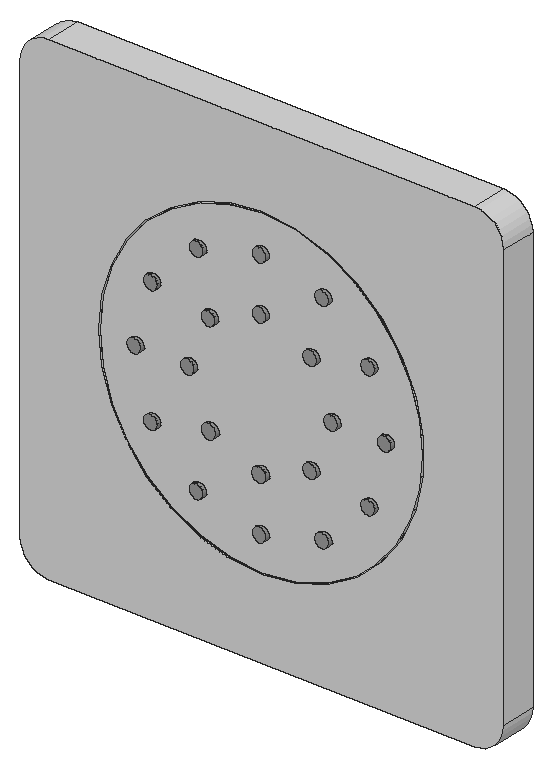
Revit family "Reece_Shower_American Standard_EasySET_Shower Head_Body Jet", category Plumbing Fixtures, Revit 2018
Family settings
  Round Connector Dimension = Use Diameter
  Part Type = Normal
  Work Plane-Based = Yes
  Always vertical = Yes
  Cut with Voids When Loaded = Yes
  Shared = Yes
  Room Calculation Point = Yes
Parameters (values of type "Chrome")
  URL = "https://www.reece.com.au/product/-9508665"
  Type Comments = "Shower"
  Reece_Shower_Inlet = 12 mm  # constant formula
  Reece_Product_Web Page = "https://www.reece.com.au/product/-9508665"
  Reece_Product_Type = "Shower"  # constant formula
  Reece_Product_Sub Brand = "EasySET"  # constant formula
  Reece_Product_Number = "9508665"
  Reece_Product_Mount = "Wall Mounted"
  Reece_Product_Description = "American Standard EasySET Body Jet Shower Chrome"
  Reece_Product_Brand = "American Standard"  # constant formula
  Reece_Overall_Width = 135 mm  # constant formula
  Reece_Overall_Projection = 10 mm  # constant formula
  Reece_Overall_Height = 135 mm  # constant formula
  Reece_Material_Secondary = Reece_Plastic_ABS
  Reece_Material_Main = Reece_Brass_Chrome
  Reece_Height_From_Level [instance] = 1200 mm
  Reece_Detail_Disclaimer = "THIS FILE IS THE PROPERTY OF THE REECE GROUP. IT MAY NOT BE REPRODUCED, REVERSE-ENGINEERED OR MODIFIED. ANY REPUBLICATION, TRANSMISSION OR DISTRIBUTION FOR THE PURPOSE OF COMMERCIALLY EXPLOITING THE FILES IS PROHIBITED."  # constant formula
  Reece_Detail_Additional = "Body Jet"  # constant formula
  Model = "EasySET"
  Manufacturer = "American Standard"
  Keynote = "Product #9508665, Reece_Shower_American Standard_EasySET_Shower Head_Body Jet - Chrome"
  Disclaimer = "THIS FILE IS THE PROPERTY OF THE REECE GROUP. IT MAY NOT BE REPRODUCED, REVERSE-ENGINEERED OR MODIFIED. ANY REPUBLICATION, TRANSMISSION OR DISTRIBUTION FOR THE PURPOSE OF COMMERCIALLY EXPLOITING THE FILES IS PROHIBITED."  # constant formula
  Description = "American Standard EasySET Body Jet Shower Chrome"
  Default Elevation = 0 mm
Types (2, lengths in mm): name | Keynote
  (no name) | "Product #9508665, Reece_Shower_American Standard_EasySET_Shower Head_Body Jet -  "
  Chrome | "Product #9508665, Reece_Shower_American Standard_EasySET_Shower Head_Body Jet - Chrome"
Reference planes
  plane 1 "Center (Front/Back)": y = 0
  plane 2 "Height From Floor": z = 1200
  plane 3 "Center (Left/Right)": x = 0
  plane 4 "Bottom Of Invisible Line": z = -5
  plane 5: x = -67.5
  plane 6: x = 67.5
  plane 7: z = 1267.5
  plane 8: z = 1132.5
  plane 9: y = -10
Lines and regions (mm)
  model lines, style "InvisibleLines"
    curve 1: line (0, 0, -5) -> (0, 0, 1200)
Text (mm)
  text "Reece ©" at (2872.125, -2467.302, 2677.385), in view "Reece Preview"
  text "Reece ©" at (353.128, -531.372, -1020.679), in view "Ref. Level"
Dimensions and locks
  locked: level to plane 4 "Bottom Of Invisible Line" at 5
  "Reece_Height_From_Level": plane 2 "Height From Floor" to level
  level to plane 2 "Height From Floor" = 1200 mm
  "Reece_Overall_Width": plane 5 to plane 6
  equal spacing: plane 5, plane 3 "Center (Left/Right)", plane 6
  "Reece_Overall_Height": plane 7 to plane 8
  "Reece_Overall_Projection": plane 1 "Center (Front/Back)" to plane 9
  equal spacing: plane 7, plane 2 "Height From Floor", plane 8
  aligned and locked: plane 2 "Height From Floor" to curve 1
  aligned and locked: plane 4 "Bottom Of Invisible Line" to curve 1
  aligned and locked: plane 3 "Center (Left/Right)" to curve 1
  aligned and locked: nested 1 to plane 2 "Height From Floor"
  aligned and locked: plane 3 "Center (Left/Right)" to nested 1
Nested families
  nested 1: "Reece_Shower_American Standard_EasySET_Shower Head_Body Jet_Nested" at (0, 0, 1200) x (0, 0, 1) z (0, -1, 0), Reece_Material_Main <- "Reece_Material_Main", Reece_Material_Secondary <- "Reece_Material_Secondary", type "Chrome"
    with Reece_Material_Secondary Reece_Plastic_ABS, Reece_Material_Main Reece_Brass_Chrome
Connectors
  piping at (0, 0, 1200), diameter 12, driven by "Reece_Shower_Inlet"
    settings: on nested 1, index 1, connector inside diameter 609.6 mm, connector length 0 mm, flow factor 0, pipe flow 0.0 L/s, pressure drop 0.0 Pa, fitting loss kfactor 0, connector angle 0.00°, fixture units 0, engagement length 0 mm, angle of deflection 0.00°, flow configuration 0, flow direction 1, fitting loss method 0, system type 29, joint type 0, gender type 0, connector reference index -1, connector utility 0, adjustable connector no, is connector primary yes, connector description ""
Definition of nested family "Reece_Shower_American Standard_EasySET_Shower Head_Body Jet_Nested"
  Parameters (values of type "Chrome")
    Waste Connection = no
    WFU = 0
    Vent Connection = no
    URL = ""
    Type Comments = ""
    Reece_Material_Secondary [instance] = none
    Reece_Material_Main [instance] = none
    Model = ""
    Manufacturer = ""
    Keynote = ""
    HWFU = 0
    HW Connection = no
    Description = ""
    Default Elevation = 0 mm
    Cost = 0
    CWFU = 0
    CW Connection = no
    Assembly Code = ""
  Reference planes
    plane 1 "Center (Front/Back)": y = 0
    plane 2: z = 0
    plane 3 "Center (Left/Right)": x = 0
    plane 4: x = 67.5
    plane 5: x = -67.5
    plane 6: y = 67.5
    plane 7: y = -67.5
  Forms (mm)
    Extrusion 1, solid
      sketch origin (619.2, 20, 0) x (1, 0, 0) y (0, 1, 0)
        loop
          line (-819.2, 180) -> (-819.2, -220) -> (-419.2, -220) -> (-419.2, 180) -> (-819.2, 180)
      from 0 to -35.776
    Extrusion 2, solid, material <- "Reece_Material_Main"
      sketch origin (0, 0, 0) x (1, 0, 0) y (0, 1, 0)
        loop
          arc (-59.5, 67.5) -> (-65.157, 65.157) -> (-67.5, 59.5) r 8
          line (-67.5, 59.5) -> (-67.5, -59.5)
          arc (-67.5, -59.5) -> (-65.157, -65.157) -> (-59.5, -67.5) r 8
          line (-59.5, -67.5) -> (59.5, -67.5)
          arc (59.5, -67.5) -> (65.157, -65.157) -> (67.5, -59.5) r 8
          line (67.5, -59.5) -> (67.5, 59.5)
          arc (67.5, 59.5) -> (65.157, 65.157) -> (59.5, 67.5) r 8
          line (59.5, 67.5) -> (-59.5, 67.5)
      from 0 to 10
    Extrusion 3, void
      sketch origin (0, 0, 0) x (1, 0, 0) y (0, 1, 0)
        loop
          circle (0, 0) r 45
        loop
          circle (0, 0) r 45.5
      from 8 to 10
    Extrusion 4, solid, material <- "Reece_Material_Secondary", detail levels fine
      sketch origin (0, 0, 0) x (1, 0, 0) y (0, 1, 0)
        loop
          circle (0, 35) r 1.9
        loop
          circle (0, -35) r 1.9
        loop
          circle (-35, 0) r 1.9
        loop
          circle (35, 0) r 1.9
        loop
          circle (-17.5, 30.311) r 1.9
        loop
          circle (-30.311, 17.5) r 1.9
        loop
          circle (17.5, 30.311) r 1.9
        loop
          circle (30.311, 17.5) r 1.9
        loop
          circle (-17.5, -30.311) r 1.9
        loop
          circle (-30.311, -17.5) r 1.9
        loop
          circle (17.5, -30.311) r 1.9
        loop
          circle (30.311, -17.5) r 1.9
        loop
          circle (0, 20) r 1.9
        loop
          circle (0, -20) r 1.9
        loop
          circle (20, 0) r 1.9
        loop
          circle (-20, 0) r 2
        loop
          circle (-14.142, 14.142) r 1.9
        loop
          circle (14.142, 14.142) r 1.9
        loop
          circle (-14.142, -14.142) r 2
        loop
          circle (14.142, -14.142) r 1.9
      from 8 to 11
    Extrusion 5, solid, material <- "Reece_Material_Main", detail levels fine
      sketch origin (0, 0, 0) x (1, 0, 0) y (0, 1, 0)
        loop
          circle (0, 0) r 45
      from 8 to 10
    Extrusion 6, void
      sketch origin (0, 0, 0) x (1, 0, 0) y (0, 1, 0)
        loop
          circle (0, 35) r 2
        loop
          circle (0, -35) r 2
        loop
          circle (-35, 0) r 2
        loop
          circle (35, 0) r 2
        loop
          circle (-17.5, 30.311) r 2
        loop
          circle (-30.311, 17.5) r 2
        loop
          circle (17.5, 30.311) r 2
        loop
          circle (30.311, 17.5) r 2
        loop
          circle (-17.5, -30.311) r 2
        loop
          circle (-30.311, -17.5) r 2
        loop
          circle (17.5, -30.311) r 2
        loop
          circle (30.311, -17.5) r 2
        loop
          circle (0, 20) r 2
        loop
          circle (0, -20) r 2
        loop
          circle (20, 0) r 2
        loop
          circle (-20, 0) r 2
        loop
          circle (-14.142, 14.142) r 2
        loop
          circle (14.142, 14.142) r 2
        loop
          circle (-14.142, -14.142) r 2
        loop
          circle (14.142, -14.142) r 2
      from 8 to 10
  Cuts and joins
    Extrusion 3 cuts Extrusion 2
    Extrusion 6 cuts Extrusion 5
  Text (mm)
    text "Reece Copyright © 2018, Reece Ltd." at (-684.407, -223.434, 0), in view "Ref. Level"
    text "Reece ©" at (290.323, 26.521, 334.836), in view "Reece_Preview"
  Dimensions and locks
    plane 5 to plane 4 = 135 mm
    plane 6 to plane 7 = 135 mm
    equal spacing: plane 5, plane 3 "Center (Left/Right)", plane 4
    equal spacing: plane 6, plane 1 "Center (Front/Back)", plane 7
    aligned and locked: Extrusion 1 to plane 2
    aligned and locked: level to Extrusion 1
  Automatic sketch dimensions
    Extrusion 1 sketch curve to Extrusion 1 sketch curve = 400 mm  (x2)
    Extrusion 2 sketch curve to plane 5 = 0 mm
    Extrusion 2 sketch curve to plane 7 = 0 mm
    Extrusion 2 sketch curve to plane 6 = 0 mm
    Extrusion 2 sketch curve to plane 4 = 0 mm
    Extrusion 2 sketch curve to plane 5 = 8 mm
    Extrusion 2 sketch curve to Extrusion 2 sketch curve = 8 mm  (x2)
    plane 4 to Extrusion 2 sketch curve = 8 mm
    Extrusion 3 sketch curve to Extrusion 3 sketch curve = 0 mm  (x2)
    plane 1 "Center (Front/Back)" to Extrusion 3 sketch curve = 0 mm
    Extrusion 3 sketch curve to plane 3 "Center (Left/Right)" = 0 mm
    plane 1 "Center (Front/Back)" to Extrusion 4 sketch curve = 0 mm  (x4)
    Extrusion 4 sketch curve to plane 3 "Center (Left/Right)" = 0 mm  (x4)
    Extrusion 4 sketch curve to plane 3 "Center (Left/Right)" = 14.142 mm  (x2)
    Extrusion 4 sketch curve to Extrusion 4 sketch curve = 3.358 mm  (x8)
    Extrusion 4 sketch curve to Extrusion 4 sketch curve = 5.858 mm  (x4)
    Extrusion 4 sketch curve to Extrusion 4 sketch curve = 16.169 mm  (x8)
    Extrusion 4 sketch curve to Extrusion 4 sketch curve = 15 mm  (x4)
    plane 3 "Center (Left/Right)" to Extrusion 4 sketch curve = 14.142 mm  (x2)
    plane 1 "Center (Front/Back)" to Extrusion 4 sketch curve = 14.142 mm  (x2)
    Extrusion 4 sketch curve to plane 1 "Center (Front/Back)" = 14.142 mm  (x2)
    plane 1 "Center (Front/Back)" to Extrusion 5 sketch curve = 0 mm
    Extrusion 5 sketch curve to plane 3 "Center (Left/Right)" = 0 mm
    plane 1 "Center (Front/Back)" to Extrusion 6 sketch curve = 0 mm  (x4)
    Extrusion 6 sketch curve to plane 3 "Center (Left/Right)" = 0 mm  (x4)
    Extrusion 6 sketch curve to plane 3 "Center (Left/Right)" = 14.142 mm  (x2)
    Extrusion 6 sketch curve to Extrusion 6 sketch curve = 3.358 mm  (x8)
    Extrusion 6 sketch curve to Extrusion 6 sketch curve = 5.858 mm  (x4)
    Extrusion 6 sketch curve to Extrusion 6 sketch curve = 16.169 mm  (x8)
    Extrusion 6 sketch curve to Extrusion 6 sketch curve = 15 mm  (x4)
    plane 3 "Center (Left/Right)" to Extrusion 6 sketch curve = 14.142 mm  (x2)
    plane 1 "Center (Front/Back)" to Extrusion 6 sketch curve = 14.142 mm  (x2)
    Extrusion 6 sketch curve to plane 1 "Center (Front/Back)" = 14.142 mm  (x2)
    radius of Extrusion 3 sketch curve = 45 mm
    radius of Extrusion 3 sketch curve = 45.5 mm
    radius of Extrusion 4 sketch curve = 1.9 mm  (x18)
    radius of Extrusion 4 sketch curve = 2 mm  (x2)
    radius of Extrusion 5 sketch curve = 45 mm
    radius of Extrusion 6 sketch curve = 2 mm  (x20)
